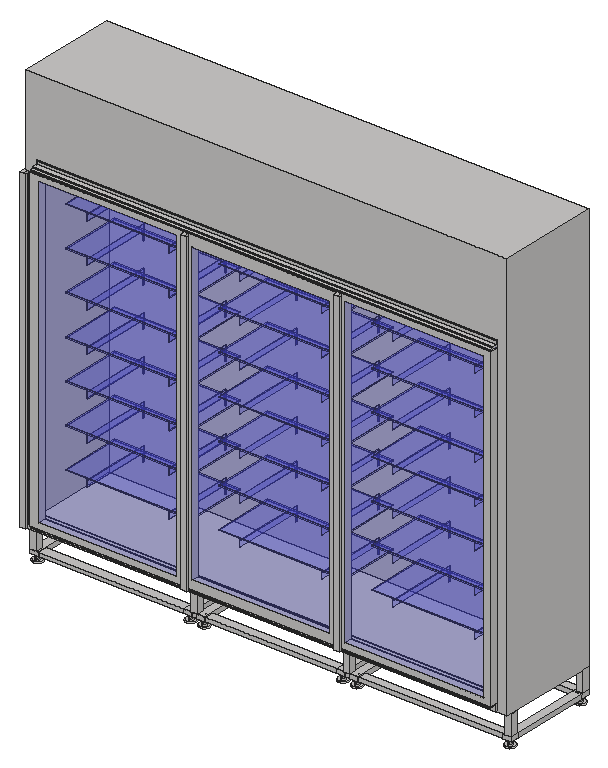
Revit family "Food-Service-Equipment_Oscartek_Muro_Gala-2274_cat", category Specialty Equipment, Revit 2026
Family settings
  Round Connector Dimension = Use Diameter
  Part Type = Normal
  Classification Number = 23.40.40.11
  Work Plane-Based = No
  Enable Cutting in Views = No
  Always vertical = Yes
  Cut with Voids When Loaded = No
  Maintain Annotation Orientation = No
  Shared = No
  Room Calculation Point = No
Parameters
  Wine Shelf = Part Code = 1  # yes
  Weight in Pounds = 661
  Watts = Volts * FL Amps  # 990 W
  Volts = 220 V
  URL Cutsheet = "www.oscartek.com"
  URL = "www.oscartek.com"
  Type Comments = "As Specified"
  Test Data = "http://www.oscartek.com/company/clients.php"
  Specification by User = ""
  Specification by Manufacturer = ""
  Specification = "https://www.arcat.com/arcatcos/cos48/arc48760.html"
  Show Clearance [instance] = yes
  Serial Number = ""
  Seismic Rating = ""
  Sales Information = "http://www.oscartek.com/company/contact.php"
  SMACNA No = ""
  Revision Code = ""
  Revision = "R1_2018-10"
  Product Data = "http://www.oscartek.com/support/manuals/"
  Phase = 1
  Part Code = 1
  Number of Poles = 1
  NAFEM Spec ID Number = ""
  Model = "MURO GALA 2274"
  Min Ckt Ampacity = 0 A
  Meat Shelf = Part Code = 2  # no
  Max Overcurrent Protection = 0 A
  Masterspec = ""
  Manufacturer Website = "http://www.oscartek.com/index.php"
  Manufacturer Phone - Toll Free = "855-885-2400"
  Manufacturer Phone = "650-342-2400"
  Manufacturer Fax = "650-342-7400"
  Manufacturer Address = "361 Beach Rd., Burlingame, CA 94010"
  Manufacturer = "OSCARTEK"
  Length = 89 1/2"
  Item Number = ""
  Installed By = ""
  Installation-Fabrication = "http://www.oscartek.com/support/manuals/"
  Identify Quantity as Lot = yes
  Height = 82 3/16"
  HP = ""
  Green Building-LEED = "https://www.arcat.com/green/green_building.shtml"
  Furnished By = ""
  Foodservice Equipment Identifier = yes
  FL Amps = 4.5 A
  Electrical Remarks = ""
  Electric Connection Type = ""
  Elec Conn RI Height = 0"
  Elec Conn Connection Height = 0"
  Drawn By = "Sumex Design, Inc. / Robert S. Weygant, CSI, CDT, SCIP"
  Description = "MURO GALA WINE SHOWCASE"
  Depth = 21 1/4"
  Deli/Pastry = Part Code = 3  # no
  Default Elevation = 0"
  Cycle = 60 Hz
  Copyright = "©Arcat Inc."
  Construction Details = "http://www.oscartek.com/support/manuals/"
  Conn Plug = ""
  Conn Conduit = yes
  Category = ""
  CSI MasterFormat = "11 41 33"
  Building Codes = "https://www.arcat.com/arcatcos/cos48/arc48760.html"
  BTUH = 8960.0 Btu/h
  Apparent Power = 0 VA
Reference planes (in)
  plane 1 "BACK": y = 0
  plane 2: z = 0
  plane 3 "LEFT": x = 0
  plane 4 "RIGHT": x = 89.5
  plane 5 "FRONT": y = -21.25
  plane 6 "TOP": z = 82.1875
  plane 7 "Center Y": x = 44.75
  plane 8 "Center X": y = -10.625
  plane 9: y = -18.875
  plane 10: z = 7.51552
  plane 11: z = 66.57802
  plane 12: z = 7.51552
  plane 13: z = 66.57802
  plane 14: z = 6.00603
  plane 15: y = -17.875
  plane 16: y = -17.10376
  plane 17: x = 0.8125
  plane 18: x = 29.30212
  plane 19: x = 33.0625
  plane 20: x = 61.5
Forms (in)
  Extrusion 1, solid, material "QF_Metal - Stainless - Polished"
    sketch origin (31.6875, 0, 0) x (0, -1, 0) y (0, 0, 1)
      loop
        line (18.90603, 7.20508) -> (20.31099, 7.20508) -> (20.31099, 7.32323) -> (18.70021, 7.32323) -> (18.70021, 8.56381) -> (17.89196, 8.56381) -> (17.89196, 6.00603) -> (18.90603, 6.00603) -> (18.90603, 7.20508)
      loop
        line (18.875, 68) -> (17.91056, 68) -> (17.91056, 66.5144) -> (18.70905, 66.5144) -> (18.70905, 66.81986) -> (20.31325, 66.81986) -> (20.31325, 66.94487) -> (19.71428, 66.94487) -> (19.71428, 67.14799) -> (18.70905, 67.14799) -> (18.70905, 67.80947) -> (18.875, 67.80947) -> (18.875, 68)
    from -55.8125 to 29.6875
  Extrusion 2, solid, material "QF_Metal - Stainless - Polished"
    sketch origin (1, -18.875, 82.1875) x (0, 0, -1) y (1, 0, 0)
      loop
        line (15.60948, 0.92068) -> (74.67198, 0.92068) -> (74.67198, 29.29824) -> (15.60948, 29.29824) -> (15.60948, 0.92068)
      loop
        line (16.67198, 2.45144) -> (73.60948, 2.45144) -> (73.60948, 28.1177) -> (16.67198, 28.1177) -> (16.67198, 2.45144)
      loop
        line (15.60948, 58.17269) -> (74.67198, 58.17269) -> (74.67198, 86.58411) -> (15.60948, 86.58411) -> (15.60948, 58.17269)
      loop
        line (16.67198, 59.41241) -> (73.60948, 59.41241) -> (73.60948, 85.34747) -> (16.67198, 85.34747) -> (16.67198, 59.41241)
      loop
        line (15.60948, 29.6901) -> (74.67198, 29.6901) -> (74.67198, 57.7862) -> (15.60948, 57.7862) -> (15.60948, 29.6901)
      loop
        line (17.57495, 30.92445) -> (73.12432, 30.92445) -> (73.12432, 56.55185) -> (17.57495, 56.55185) -> (17.57495, 30.92445)
    from 0 to 1.38976
  Extrusion 3, solid, material "Glass"
    sketch origin (1, -18.875, 82.1875) x (0, 0, -1) y (1, 0, 0)
      loop
        line (73.60948, 85.34747) -> (16.67198, 85.34747) -> (16.67198, 59.41241) -> (73.60948, 59.41241) -> (73.60948, 85.34747)
      loop
        line (73.12432, 56.55185) -> (17.57495, 56.55185) -> (17.57495, 30.92445) -> (73.12432, 30.92445) -> (73.12432, 56.55185)
      loop
        line (73.60948, 2.45144) -> (73.60948, 28.1177) -> (16.67198, 28.1177) -> (16.67198, 2.45144) -> (73.60948, 2.45144)
    from 0 to 1.38976
  Extrusion 4, solid, material "QF_Metal - Stainless - Polished"
    sketch origin (1.92068, -18.875, 66.57802) x (1, 0, 0) y (0, 1, 0)
      loop
        line (0.02558, -2.17797) -> (-0.52613, -2.17797) -> (-0.52613, -1.38976) -> (-1.04568, -1.38976) -> (-1.04568, -2.375) -> (0.02558, -2.375) -> (0.02558, -2.17797)
      loop
        line (29.89677, -2.17797) -> (29.34506, -2.17797) -> (29.34506, -1.38976) -> (28.76942, -1.38976) -> (28.76942, -2.375) -> (29.89677, -2.375) -> (29.89677, -2.17797)
      loop
        line (58.37936, -2.17797) -> (57.82765, -2.17797) -> (57.82765, -1.38976) -> (57.25201, -1.38976) -> (57.25201, -2.375) -> (58.37936, -2.375) -> (58.37936, -2.17797)
    from 0 to -59.0625
  Revolve 5, solid, material "QF_Metal - Stainless - Polished"
    sketch origin (0.8125, -180, -6.84664) x (0, 0, -1) y (0, -1, 0)
      loop
        line (-8.80529, -179.21181) -> (-6.84664, -179.21181) -> (-6.84664, -178.50244) -> (-6.96507, -178.23643) -> (-7.07291, -178.28444) -> (-7.07291, -178.83742) -> (-7.24073, -178.83742) -> (-7.24073, -179.01476) -> (-8.80529, -179.01476) -> (-8.80529, -179.21181)
      axis (-6.84664, -179.21181) -> (-8.80529, -179.21181)
    angle from 0 to 360
  Revolve 6, solid, material "QF_Metal - Stainless - Polished"
    sketch origin (29.30212, -180, -6.84664) x (0, 0, -1) y (0, 1, 0)
      loop
        line (-8.80529, 179.21181) -> (-8.80529, 179.01476) -> (-7.24073, 179.01476) -> (-7.24073, 178.83742) -> (-7.07291, 178.83742) -> (-7.07291, 178.28444) -> (-6.96507, 178.23643) -> (-6.84664, 178.50244) -> (-6.84664, 179.21181) -> (-8.80529, 179.21181)
      axis (-6.84664, 179.21181) -> (-8.80529, 179.21181)
    angle from 0 to 360
  Revolve 7, solid, material "QF_Metal - Stainless - Polished"
    sketch origin (0.8125, -196.31557, -6.84664) x (0, 0, -1) y (0, -1, 0)
      loop
        line (-8.80529, -179.21181) -> (-6.84664, -179.21181) -> (-6.84664, -178.50244) -> (-6.96507, -178.23643) -> (-7.07291, -178.28444) -> (-7.07291, -178.83742) -> (-7.24073, -178.83742) -> (-7.24073, -179.01476) -> (-8.80529, -179.01476) -> (-8.80529, -179.21181)
      axis (-6.84664, -179.21181) -> (-8.80529, -179.21181)
    angle from 0 to 360
  Revolve 8, solid, material "QF_Metal - Stainless - Polished"
    sketch origin (29.30212, -196.31557, -6.84664) x (0, 0, -1) y (0, 1, 0)
      loop
        line (-8.80529, 179.21181) -> (-8.80529, 179.01476) -> (-7.24073, 179.01476) -> (-7.24073, 178.83742) -> (-7.07291, 178.83742) -> (-7.07291, 178.28444) -> (-6.96507, 178.23643) -> (-6.84664, 178.50244) -> (-6.84664, 179.21181) -> (-8.80529, 179.21181)
      axis (-6.84664, 179.21181) -> (-8.80529, 179.21181)
    angle from 0 to 360
  Extrusion 9, solid, material "QF_Metal - Stainless - Polished"
    sketch origin (0, 0, 0) x (0, 1, 0) y (0, 0, 1)
      loop
        line (-16.31557, 1.28869) -> (-16.31557, 2.07689) -> (-17.875, 2.07689) -> (-17.875, 1.28869) -> (-16.31557, 1.28869)
      loop
        line (0, 1.28869) -> (0, 2.07689) -> (-1.55943, 2.07689) -> (-1.55943, 1.28869) -> (0, 1.28869)
    from 0 to 89.5
  Extrusion 10, solid, material "QF_Metal - Stainless - Polished"
    sketch origin (0, 0, 0) x (1, 0, 0) y (0, 0, 1)
      loop
        line (0, 2.07689) -> (0, 1.28869) -> (1.5625, 1.28869) -> (1.5625, 2.07689) -> (0, 2.07689)
      loop
        line (89.5, 2.07689) -> (87.9375, 2.07689) -> (87.9375, 1.28869) -> (89.5, 1.28869) -> (89.5, 2.07689)
      loop
        line (32.54778, 2.07689) -> (30.98035, 2.07689) -> (30.98035, 1.28869) -> (32.54778, 1.28869) -> (32.54778, 2.07689)
      loop
        line (30.03169, 2.07689) -> (28.52612, 2.07689) -> (28.52612, 1.28869) -> (30.03169, 1.28869) -> (30.03169, 2.07689)
      loop
        line (61.01204, 2.07689) -> (59.44461, 2.07689) -> (59.44461, 1.28869) -> (61.01204, 1.28869) -> (61.01204, 2.07689)
      loop
        line (58.49595, 2.07689) -> (56.99038, 2.07689) -> (56.99038, 1.28869) -> (58.49595, 1.28869) -> (58.49595, 2.07689)
    from 0 to 17.875
  Extrusion 11, solid, material "QF_Metal - Stainless - Polished"
    sketch origin (0, 0, 2.07689) x (1, 0, 0) y (0, 1, 0)
      loop
        line (0, -1.18229) -> (1.17775, -1.18229) -> (1.17775, 0) -> (0, 0) -> (0, -1.18229)
      loop
        line (31.15137, -1.18229) -> (31.15137, 0) -> (29.97363, 0) -> (29.97363, -1.18229) -> (31.15137, -1.18229)
      loop
        line (0, -17.89196) -> (1.17775, -17.89196) -> (1.17775, -16.70967) -> (0, -16.70967) -> (0, -17.89196)
      loop
        line (31.15137, -17.89196) -> (31.15137, -16.70967) -> (29.97363, -16.70967) -> (29.97363, -17.89196) -> (31.15137, -17.89196)
      loop
        line (89.5, -1.18229) -> (89.5, 0) -> (88.32225, 0) -> (88.32225, -1.18229) -> (89.5, -1.18229)
      loop
        line (58.34863, -1.18229) -> (59.52637, -1.18229) -> (59.52637, 0) -> (58.34863, 0) -> (58.34863, -1.18229)
      loop
        line (89.5, -17.89196) -> (89.5, -16.70967) -> (88.32225, -16.70967) -> (88.32225, -17.89196) -> (89.5, -17.89196)
      loop
        line (58.34863, -17.89196) -> (59.52637, -17.89196) -> (59.52637, -16.70967) -> (58.34863, -16.70967) -> (58.34863, -17.89196)
    from 0 to 3.92915
  Extrusion 12, solid, material "QF_Door-Drawer Clearances", visible <- "Show Clearance", detail levels coarse
    sketch origin (1.92068, -18.875, 66.57802) x (1, 0, 0) y (0, 1, 0)
      loop
        arc (-1.02142, -1.38976) -> (7.58934, -22.17798) -> (28.37757, -30.78875) r 29.39899
        line (28.37757, -30.78875) -> (28.37757, -1.38976) -> (-1.02142, -1.38976)
      loop
        line (56.86553, -29.48586) -> (56.86553, -1.38976) -> (28.76942, -1.38976)
        arc (28.76942, -1.38976) -> (36.99858, -21.25671) -> (56.86553, -29.48586) r 28.0961
      loop
        line (85.66343, -29.80118) -> (85.66343, -1.38976) -> (57.25201, -1.38976)
        arc (57.25201, -1.38976) -> (65.57352, -21.47967) -> (85.66343, -29.80118) r 28.41142
    from 0 to -59.0625
  Extrusion 13, solid, material "QF_Metal - Stainless - Polished"
    sketch origin (1, 0, 0) x (0, 1, 0) y (0, 0, 1)
      loop
        line (0, 82.1875) -> (-18.875, 82.1875) -> (-18.875, 68) -> (-17.91056, 68) -> (-17.91056, 66.5144) -> (-16.94613, 66.5144) -> (-16.94613, 72.27825) -> (-2.08871, 72.27825) -> (-2.08871, 8.52825) -> (-17.89196, 8.52825) -> (-17.89196, 6.00603) -> (0, 6.00603) -> (0, 82.1875)
    from 0 to 86.5
  Extrusion 14, solid, material "QF_Metal - Stainless - Polished"
    sketch origin (0, 0, 0) x (0, 1, 0) y (0, 0, 1)
      loop
        line (0, 82.1875) -> (-18.875, 82.1875) -> (-18.875, 6.00603) -> (0, 6.00603) -> (0, 82.1875)
    from 0 to 2
  Extrusion 15, solid, material "QF_Metal - Stainless - Polished"
    sketch origin (89.5, 0, 0) x (0, -1, 0) y (0, 0, 1)
      loop
        line (0, 82.1875) -> (0, 6.00603) -> (18.875, 6.00603) -> (18.875, 82.1875) -> (0, 82.1875)
    from 0 to 2
  Revolve 16, solid, material "QF_Metal - Stainless - Polished"
    sketch origin (31.82288, -180, -6.84664) x (0, 0, -1) y (0, -1, 0)
      loop
        line (-8.80529, -179.21181) -> (-6.84664, -179.21181) -> (-6.84664, -178.50244) -> (-6.96507, -178.23643) -> (-7.07291, -178.28444) -> (-7.07291, -178.83742) -> (-7.24073, -178.83742) -> (-7.24073, -179.01476) -> (-8.80529, -179.01476) -> (-8.80529, -179.21181)
      axis (-6.84664, -179.21181) -> (-8.80529, -179.21181)
    angle from 0 to 360
  Revolve 17, solid, material "QF_Metal - Stainless - Polished"
    sketch origin (31.82288, -196.31557, -6.84664) x (0, 0, -1) y (0, -1, 0)
      loop
        line (-8.80529, -179.21181) -> (-6.84664, -179.21181) -> (-6.84664, -178.50244) -> (-6.96507, -178.23643) -> (-7.07291, -178.28444) -> (-7.07291, -178.83742) -> (-7.24073, -178.83742) -> (-7.24073, -179.01476) -> (-8.80529, -179.01476) -> (-8.80529, -179.21181)
      axis (-6.84664, -179.21181) -> (-8.80529, -179.21181)
    angle from 0 to 360
  Extrusion 18, solid, material "QF_Metal - Stainless - Polished Brushed", visible <- "Meat Shelf"
    sketch origin (1, 0, 0) x (0, 1, 0) y (0, 0, 1)
      loop
        line (-8.66523, 64.21846) -> (-8.89505, 64.21846) -> (-8.89505, 64.61255) -> (-9.17092, 64.61255) -> (-9.17092, 64.21846) -> (-10.52412, 64.21846) -> (-10.52412, 64.61255) -> (-10.79999, 64.61255) -> (-10.79999, 64.21846) -> (-11.02981, 64.21846) -> (-11.02981, 64.06082) -> (-10.43866, 64.06082) -> (-10.43866, 62.87853) -> (-9.25637, 62.87853) -> (-9.25637, 64.06082) -> (-8.66523, 64.06082) -> (-8.66523, 64.21846)
    from 1 to 86.5
  Revolve 19, solid, material "QF_Metal - Stainless - Polished"
    sketch origin (60.23998, -180, -6.84664) x (0, 0, -1) y (0, -1, 0)
      loop
        line (-8.80529, -179.21181) -> (-6.84664, -179.21181) -> (-6.84664, -178.50244) -> (-6.96507, -178.23643) -> (-7.07291, -178.28444) -> (-7.07291, -178.83742) -> (-7.24073, -178.83742) -> (-7.24073, -179.01476) -> (-8.80529, -179.01476) -> (-8.80529, -179.21181)
      axis (-6.84664, -179.21181) -> (-8.80529, -179.21181)
    angle from 0 to 360
  Revolve 20, solid, material "QF_Metal - Stainless - Polished"
    sketch origin (60.23998, -196.31557, -6.84664) x (0, 0, -1) y (0, -1, 0)
      loop
        line (-8.80529, -179.21181) -> (-6.84664, -179.21181) -> (-6.84664, -178.50244) -> (-6.96507, -178.23643) -> (-7.07291, -178.28444) -> (-7.07291, -178.83742) -> (-7.24073, -178.83742) -> (-7.24073, -179.01476) -> (-8.80529, -179.01476) -> (-8.80529, -179.21181)
      axis (-6.84664, -179.21181) -> (-8.80529, -179.21181)
    angle from 0 to 360
  Revolve 21, solid, material "QF_Metal - Stainless - Polished"
    sketch origin (57.63502, -180, -6.84664) x (0, 0, -1) y (0, 1, 0)
      loop
        line (-8.80529, 179.21181) -> (-8.80529, 179.01476) -> (-7.24073, 179.01476) -> (-7.24073, 178.83742) -> (-7.07291, 178.83742) -> (-7.07291, 178.28444) -> (-6.96507, 178.23643) -> (-6.84664, 178.50244) -> (-6.84664, 179.21181) -> (-8.80529, 179.21181)
      axis (-6.84664, 179.21181) -> (-8.80529, 179.21181)
    angle from 0 to 360
  Revolve 22, solid, material "QF_Metal - Stainless - Polished"
    sketch origin (57.63502, -196.31557, -6.84664) x (0, 0, -1) y (0, 1, 0)
      loop
        line (-8.80529, 179.21181) -> (-8.80529, 179.01476) -> (-7.24073, 179.01476) -> (-7.24073, 178.83742) -> (-7.07291, 178.83742) -> (-7.07291, 178.28444) -> (-6.96507, 178.23643) -> (-6.84664, 178.50244) -> (-6.84664, 179.21181) -> (-8.80529, 179.21181)
      axis (-6.84664, 179.21181) -> (-8.80529, 179.21181)
    angle from 0 to 360
  Revolve 23, solid, material "QF_Metal - Stainless - Polished"
    sketch origin (88.6875, -180, -6.84664) x (0, 0, -1) y (0, 1, 0)
      loop
        line (-8.80529, 179.21181) -> (-8.80529, 179.01476) -> (-7.24073, 179.01476) -> (-7.24073, 178.83742) -> (-7.07291, 178.83742) -> (-7.07291, 178.28444) -> (-6.96507, 178.23643) -> (-6.84664, 178.50244) -> (-6.84664, 179.21181) -> (-8.80529, 179.21181)
      axis (-6.84664, 179.21181) -> (-8.80529, 179.21181)
    angle from 0 to 360
  Revolve 24, solid, material "QF_Metal - Stainless - Polished"
    sketch origin (88.6875, -196.31557, -6.84664) x (0, 0, -1) y (0, 1, 0)
      loop
        line (-8.80529, 179.21181) -> (-8.80529, 179.01476) -> (-7.24073, 179.01476) -> (-7.24073, 178.83742) -> (-7.07291, 178.83742) -> (-7.07291, 178.28444) -> (-6.96507, 178.23643) -> (-6.84664, 178.50244) -> (-6.84664, 179.21181) -> (-8.80529, 179.21181)
      axis (-6.84664, 179.21181) -> (-8.80529, 179.21181)
    angle from 0 to 360
  Extrusion 25, solid, material "Glass", visible <- "Wine Shelf"
    sketch origin (8.65625, 6.33903, 48) x (0, 1, 0) y (0, 0, 1)
      loop
        line (-21.88361, 12.03383) -> (-21.88361, 10.51592) -> (-8.86913, 10.51592) -> (-8.86913, 8.95572) -> (-8.56962, 8.95572) -> (-8.56962, 11.68413) -> (-15.25009, 11.68413) -> (-21.6951, 11.68413) -> (-21.6951, 12.03383) -> (-21.88361, 12.03383)
      loop
        line (-21.88361, 4.64453) -> (-21.88361, 3.12662) -> (-8.86913, 3.12662) -> (-8.86913, 1.56642) -> (-8.56962, 1.56642) -> (-8.56962, 4.29483) -> (-15.25009, 4.29483) -> (-21.6951, 4.29483) -> (-21.6951, 4.64453) -> (-21.88361, 4.64453)
      loop
        line (-21.88361, -2.74477) -> (-21.88361, -4.26267) -> (-8.86913, -4.26267) -> (-8.86913, -5.82288) -> (-8.56962, -5.82288) -> (-8.56962, -3.09447) -> (-15.25009, -3.09447) -> (-21.6951, -3.09447) -> (-21.6951, -2.74477) -> (-21.88361, -2.74477)
      loop
        line (-21.88361, -10.13407) -> (-21.88361, -11.65197) -> (-8.86913, -11.65197) -> (-8.86913, -13.21217) -> (-8.56962, -13.21217) -> (-8.56962, -10.48377) -> (-15.25009, -10.48377) -> (-21.6951, -10.48377) -> (-21.6951, -10.13407) -> (-21.88361, -10.13407)
      loop
        line (-21.88361, -17.52337) -> (-21.88361, -19.04127) -> (-8.86913, -19.04127) -> (-8.86913, -20.60147) -> (-8.56962, -20.60147) -> (-8.56962, -17.87307) -> (-15.25009, -17.87307) -> (-21.6951, -17.87307) -> (-21.6951, -17.52337) -> (-21.88361, -17.52337)
      loop
        line (-21.88361, -24.91267) -> (-21.88361, -26.43057) -> (-8.86913, -26.43057) -> (-8.86913, -27.99077) -> (-8.56962, -27.99077) -> (-8.56962, -25.26237) -> (-15.25009, -25.26237) -> (-21.6951, -25.26237) -> (-21.6951, -24.91267) -> (-21.88361, -24.91267)
      loop
        line (-21.88361, -32.28425) -> (-21.88361, -33.80216) -> (-8.86913, -33.80216) -> (-8.86913, -35.36236) -> (-8.56962, -35.36236) -> (-8.56962, -32.63395) -> (-15.25009, -32.63395) -> (-21.6951, -32.63395) -> (-21.6951, -32.28425) -> (-21.88361, -32.28425)
    from 0 to 0.125
  Extrusion 26, solid, material "Glass", visible <- "Deli/Pastry"
    sketch origin (1, 0, 0) x (0, 1, 0) y (0, 0, 1)
      loop
        line (-14.3619, 52.33424) -> (-4.5494, 52.33424) -> (-4.5494, 52.64952) -> (-14.3619, 52.64952) -> (-14.3619, 52.33424)
      loop
        line (-14.3619, 37.55564) -> (-4.5494, 37.55564) -> (-4.5494, 37.87092) -> (-14.3619, 37.87092) -> (-14.3619, 37.55564)
      loop
        line (-14.3619, 22.77704) -> (-4.5494, 22.77704) -> (-4.5494, 23.09232) -> (-14.3619, 23.09232) -> (-14.3619, 22.77704)
    from 3.625 to 27.0625
  Extrusion 27, solid, material "Glass", visible <- "Meat Shelf"
    sketch origin (8.65625, 6.33903, 48) x (0, 1, 0) y (0, 0, 1)
      loop
        line (-20.93778, -10.13407) -> (-20.93778, -11.65497) -> (-8.86913, -11.65497) -> (-8.86913, -13.21217) -> (-8.56962, -13.21217) -> (-8.56962, -10.48377) -> (-20.74927, -10.48377) -> (-20.74927, -10.13407) -> (-20.93778, -10.13407)
      loop
        line (-20.93778, -24.91267) -> (-20.93778, -26.43356) -> (-8.86913, -26.43356) -> (-8.86913, -27.99077) -> (-8.56962, -27.99077) -> (-8.56962, -25.26237) -> (-20.74927, -25.26237) -> (-20.74927, -24.91267) -> (-20.93778, -24.91267)
    from 0 to 0.125
  Extrusion 28, solid, material "Glass", visible <- "Meat Shelf"
    sketch origin (1, 0, 0) x (0, 1, 0) y (0, 0, 1)
      loop
        line (-4.5494, 37.87092) -> (-14.3619, 37.87092) -> (-14.3619, 37.55564) -> (-4.5494, 37.55564) -> (-4.5494, 37.87092)
      loop
        line (-4.5494, 23.09232) -> (-14.3619, 23.09232) -> (-14.3619, 22.77704) -> (-4.5494, 22.77704) -> (-4.5494, 23.09232)
    from 3.625 to 27.0625
  Extrusion 29, solid, material "Glass", visible <- "Meat Shelf"
    sketch origin (24.03125, 6.33903, 48) x (0, 1, 0) y (0, 0, -1)
      loop
        line (-20.93778, 10.13407) -> (-20.74927, 10.13407) -> (-20.74927, 10.48377) -> (-8.56962, 10.48377) -> (-8.56962, 13.21217) -> (-8.86913, 13.21217) -> (-8.86913, 11.65497) -> (-20.93778, 11.65497) -> (-20.93778, 10.13407)
      loop
        line (-20.93778, 24.91267) -> (-20.74927, 24.91267) -> (-20.74927, 25.26237) -> (-8.56962, 25.26237) -> (-8.56962, 27.99077) -> (-8.86913, 27.99077) -> (-8.86913, 26.43356) -> (-20.93778, 26.43356) -> (-20.93778, 24.91267)
    from 0 to 0.125
  Extrusion 30, solid, material "Glass", visible <- "Deli/Pastry"
    sketch origin (8.65625, 6.33903, 48) x (0, 1, 0) y (0, 0, 1)
      loop
        line (-20.93778, 4.64453) -> (-20.93778, 3.12662) -> (-8.86913, 3.12662) -> (-8.86913, 1.56642) -> (-8.56962, 1.56642) -> (-8.56962, 4.29483) -> (-15.25009, 4.29483) -> (-20.74927, 4.29483) -> (-20.74927, 4.64453) -> (-20.93778, 4.64453)
      loop
        line (-20.93778, -10.13407) -> (-20.93778, -11.65197) -> (-8.86913, -11.65197) -> (-8.86913, -13.21217) -> (-8.56962, -13.21217) -> (-8.56962, -10.48377) -> (-15.25009, -10.48377) -> (-20.74927, -10.48377) -> (-20.74927, -10.13407) -> (-20.93778, -10.13407)
      loop
        line (-20.93778, -24.91267) -> (-20.93778, -26.43057) -> (-8.86913, -26.43057) -> (-8.86913, -27.99077) -> (-8.56962, -27.99077) -> (-8.56962, -25.26237) -> (-15.25009, -25.26237) -> (-20.74927, -25.26237) -> (-20.74927, -24.91267) -> (-20.93778, -24.91267)
    from 0 to 0.125
  Extrusion 31, solid, material "Glass", visible <- "Deli/Pastry"
    sketch origin (24.03125, 6.33903, 48) x (0, 1, 0) y (0, 0, -1)
      loop
        line (-20.93778, -4.64453) -> (-20.74927, -4.64453) -> (-20.74927, -4.29483) -> (-15.25009, -4.29483) -> (-8.56962, -4.29483) -> (-8.56962, -1.56642) -> (-8.86913, -1.56642) -> (-8.86913, -3.12662) -> (-20.93778, -3.12662) -> (-20.93778, -4.64453)
      loop
        line (-20.93778, 10.13407) -> (-20.74927, 10.13407) -> (-20.74927, 10.48377) -> (-15.25009, 10.48377) -> (-8.56962, 10.48377) -> (-8.56962, 13.21217) -> (-8.86913, 13.21217) -> (-8.86913, 11.65197) -> (-20.93778, 11.65197) -> (-20.93778, 10.13407)
      loop
        line (-20.93778, 24.91267) -> (-20.74927, 24.91267) -> (-20.74927, 25.26237) -> (-15.25009, 25.26237) -> (-8.56962, 25.26237) -> (-8.56962, 27.99077) -> (-8.86913, 27.99077) -> (-8.86913, 26.43057) -> (-20.93778, 26.43057) -> (-20.93778, 24.91267)
    from 0 to 0.125
  Extrusion 32, solid, material "Glass", visible <- "Wine Shelf"
    sketch origin (1, 0, 0) x (0, 1, 0) y (0, 0, 1)
      loop
        line (-15.30773, 60.03383) -> (-15.30773, 59.72354) -> (-3.87895, 59.72354) -> (-3.87895, 60.03383) -> (-15.30773, 60.03383)
      loop
        line (-15.30773, 52.64453) -> (-15.30773, 52.33424) -> (-3.87895, 52.33424) -> (-3.87895, 52.64453) -> (-15.30773, 52.64453)
      loop
        line (-15.30773, 45.25523) -> (-15.30773, 44.94494) -> (-3.87895, 44.94494) -> (-3.87895, 45.25523) -> (-15.30773, 45.25523)
      loop
        line (-15.30773, 37.86593) -> (-15.30773, 37.55564) -> (-3.87895, 37.55564) -> (-3.87895, 37.86593) -> (-15.30773, 37.86593)
      loop
        line (-15.30773, 30.47663) -> (-15.30773, 30.16634) -> (-3.87895, 30.16634) -> (-3.87895, 30.47663) -> (-15.30773, 30.47663)
      loop
        line (-15.30773, 23.08733) -> (-15.30773, 22.77704) -> (-3.87895, 22.77704) -> (-3.87895, 23.08733) -> (-15.30773, 23.08733)
      loop
        line (-15.30773, 15.71575) -> (-15.30773, 15.40546) -> (-3.87895, 15.40546) -> (-3.87895, 15.71575) -> (-15.30773, 15.71575)
    from 3.625 to 27.0625
  Extrusion 33, solid, material "Glass", visible <- "Wine Shelf"
    sketch origin (24.03125, 6.33903, 48) x (0, 1, 0) y (0, 0, -1)
      loop
        line (-21.88361, -12.03383) -> (-21.6951, -12.03383) -> (-21.6951, -11.68413) -> (-15.25009, -11.68413) -> (-8.56962, -11.68413) -> (-8.56962, -8.95572) -> (-8.86913, -8.95572) -> (-8.86913, -10.51592) -> (-21.88361, -10.51592) -> (-21.88361, -12.03383)
      loop
        line (-21.88361, -4.64453) -> (-21.6951, -4.64453) -> (-21.6951, -4.29483) -> (-15.25009, -4.29483) -> (-8.56962, -4.29483) -> (-8.56962, -1.56642) -> (-8.86913, -1.56642) -> (-8.86913, -3.12662) -> (-21.88361, -3.12662) -> (-21.88361, -4.64453)
      loop
        line (-21.88361, 2.74477) -> (-21.6951, 2.74477) -> (-21.6951, 3.09447) -> (-15.25009, 3.09447) -> (-8.56962, 3.09447) -> (-8.56962, 5.82288) -> (-8.86913, 5.82288) -> (-8.86913, 4.26267) -> (-21.88361, 4.26267) -> (-21.88361, 2.74477)
      loop
        line (-21.88361, 10.13407) -> (-21.6951, 10.13407) -> (-21.6951, 10.48377) -> (-15.25009, 10.48377) -> (-8.56962, 10.48377) -> (-8.56962, 13.21217) -> (-8.86913, 13.21217) -> (-8.86913, 11.65197) -> (-21.88361, 11.65197) -> (-21.88361, 10.13407)
      loop
        line (-21.88361, 17.52337) -> (-21.6951, 17.52337) -> (-21.6951, 17.87307) -> (-15.25009, 17.87307) -> (-8.56962, 17.87307) -> (-8.56962, 20.60147) -> (-8.86913, 20.60147) -> (-8.86913, 19.04127) -> (-21.88361, 19.04127) -> (-21.88361, 17.52337)
      loop
        line (-21.88361, 24.91267) -> (-21.6951, 24.91267) -> (-21.6951, 25.26237) -> (-15.25009, 25.26237) -> (-8.56962, 25.26237) -> (-8.56962, 27.99077) -> (-8.86913, 27.99077) -> (-8.86913, 26.43057) -> (-21.88361, 26.43057) -> (-21.88361, 24.91267)
      loop
        line (-21.88361, 32.28425) -> (-21.6951, 32.28425) -> (-21.6951, 32.63395) -> (-15.25009, 32.63395) -> (-8.56962, 32.63395) -> (-8.56962, 35.36236) -> (-8.86913, 35.36236) -> (-8.86913, 33.80216) -> (-21.88361, 33.80216) -> (-21.88361, 32.28425)
    from 0 to 0.125
  Extrusion 34, solid, material "Glass", visible <- "Wine Shelf"
    sketch origin (37.09375, 6.33903, 48) x (0, 1, 0) y (0, 0, 1)
      loop
        line (-21.88361, 12.03383) -> (-21.88361, 10.51592) -> (-8.86913, 10.51592) -> (-8.86913, 8.95572) -> (-8.56962, 8.95572) -> (-8.56962, 11.68413) -> (-15.25009, 11.68413) -> (-21.6951, 11.68413) -> (-21.6951, 12.03383) -> (-21.88361, 12.03383)
      loop
        line (-21.88361, 4.64453) -> (-21.88361, 3.12662) -> (-8.86913, 3.12662) -> (-8.86913, 1.56642) -> (-8.56962, 1.56642) -> (-8.56962, 4.29483) -> (-15.25009, 4.29483) -> (-21.6951, 4.29483) -> (-21.6951, 4.64453) -> (-21.88361, 4.64453)
      loop
        line (-21.88361, -2.74477) -> (-21.88361, -4.26267) -> (-8.86913, -4.26267) -> (-8.86913, -5.82288) -> (-8.56962, -5.82288) -> (-8.56962, -3.09447) -> (-15.25009, -3.09447) -> (-21.6951, -3.09447) -> (-21.6951, -2.74477) -> (-21.88361, -2.74477)
      loop
        line (-21.88361, -10.13407) -> (-21.88361, -11.65197) -> (-8.86913, -11.65197) -> (-8.86913, -13.21217) -> (-8.56962, -13.21217) -> (-8.56962, -10.48377) -> (-15.25009, -10.48377) -> (-21.6951, -10.48377) -> (-21.6951, -10.13407) -> (-21.88361, -10.13407)
      loop
        line (-21.88361, -17.52337) -> (-21.88361, -19.04127) -> (-8.86913, -19.04127) -> (-8.86913, -20.60147) -> (-8.56962, -20.60147) -> (-8.56962, -17.87307) -> (-15.25009, -17.87307) -> (-21.6951, -17.87307) -> (-21.6951, -17.52337) -> (-21.88361, -17.52337)
      loop
        line (-21.88361, -24.91267) -> (-21.88361, -26.43057) -> (-8.86913, -26.43057) -> (-8.86913, -27.99077) -> (-8.56962, -27.99077) -> (-8.56962, -25.26237) -> (-15.25009, -25.26237) -> (-21.6951, -25.26237) -> (-21.6951, -24.91267) -> (-21.88361, -24.91267)
      loop
        line (-21.88361, -32.28425) -> (-21.88361, -33.80216) -> (-8.86913, -33.80216) -> (-8.86913, -35.36236) -> (-8.56962, -35.36236) -> (-8.56962, -32.63395) -> (-15.25009, -32.63395) -> (-21.6951, -32.63395) -> (-21.6951, -32.28425) -> (-21.88361, -32.28425)
    from 0 to 0.125
  Extrusion 35, solid, material "Glass", visible <- "Deli/Pastry"
    sketch origin (29.4375, 0, 0) x (0, 1, 0) y (0, 0, 1)
      loop
        line (-14.3619, 52.33424) -> (-4.5494, 52.33424) -> (-4.5494, 52.64952) -> (-14.3619, 52.64952) -> (-14.3619, 52.33424)
      loop
        line (-14.3619, 37.55564) -> (-4.5494, 37.55564) -> (-4.5494, 37.87092) -> (-14.3619, 37.87092) -> (-14.3619, 37.55564)
      loop
        line (-14.3619, 22.77704) -> (-4.5494, 22.77704) -> (-4.5494, 23.09232) -> (-14.3619, 23.09232) -> (-14.3619, 22.77704)
    from 3.625 to 27.0625
  Extrusion 36, solid, material "Glass", visible <- "Meat Shelf"
    sketch origin (37.09375, 6.33903, 48) x (0, 1, 0) y (0, 0, 1)
      loop
        line (-20.93778, -10.13407) -> (-20.93778, -11.65497) -> (-8.86913, -11.65497) -> (-8.86913, -13.21217) -> (-8.56962, -13.21217) -> (-8.56962, -10.48377) -> (-20.74927, -10.48377) -> (-20.74927, -10.13407) -> (-20.93778, -10.13407)
      loop
        line (-20.93778, -24.91267) -> (-20.93778, -26.43356) -> (-8.86913, -26.43356) -> (-8.86913, -27.99077) -> (-8.56962, -27.99077) -> (-8.56962, -25.26237) -> (-20.74927, -25.26237) -> (-20.74927, -24.91267) -> (-20.93778, -24.91267)
    from 0 to 0.125
  Extrusion 37, solid, material "Glass", visible <- "Meat Shelf"
    sketch origin (29.4375, 0, 0) x (0, 1, 0) y (0, 0, 1)
      loop
        line (-4.5494, 37.87092) -> (-14.3619, 37.87092) -> (-14.3619, 37.55564) -> (-4.5494, 37.55564) -> (-4.5494, 37.87092)
      loop
        line (-4.5494, 23.09232) -> (-14.3619, 23.09232) -> (-14.3619, 22.77704) -> (-4.5494, 22.77704) -> (-4.5494, 23.09232)
    from 3.625 to 27.0625
  Extrusion 38, solid, material "Glass", visible <- "Meat Shelf"
    sketch origin (52.46875, 6.33903, 48) x (0, 1, 0) y (0, 0, -1)
      loop
        line (-20.93778, 10.13407) -> (-20.74927, 10.13407) -> (-20.74927, 10.48377) -> (-8.56962, 10.48377) -> (-8.56962, 13.21217) -> (-8.86913, 13.21217) -> (-8.86913, 11.65497) -> (-20.93778, 11.65497) -> (-20.93778, 10.13407)
      loop
        line (-20.93778, 24.91267) -> (-20.74927, 24.91267) -> (-20.74927, 25.26237) -> (-8.56962, 25.26237) -> (-8.56962, 27.99077) -> (-8.86913, 27.99077) -> (-8.86913, 26.43356) -> (-20.93778, 26.43356) -> (-20.93778, 24.91267)
    from 0 to 0.125
  Extrusion 39, solid, material "Glass", visible <- "Deli/Pastry"
    sketch origin (37.09375, 6.33903, 48) x (0, 1, 0) y (0, 0, 1)
      loop
        line (-20.93778, 4.64453) -> (-20.93778, 3.12662) -> (-8.86913, 3.12662) -> (-8.86913, 1.56642) -> (-8.56962, 1.56642) -> (-8.56962, 4.29483) -> (-15.25009, 4.29483) -> (-20.74927, 4.29483) -> (-20.74927, 4.64453) -> (-20.93778, 4.64453)
      loop
        line (-20.93778, -10.13407) -> (-20.93778, -11.65197) -> (-8.86913, -11.65197) -> (-8.86913, -13.21217) -> (-8.56962, -13.21217) -> (-8.56962, -10.48377) -> (-15.25009, -10.48377) -> (-20.74927, -10.48377) -> (-20.74927, -10.13407) -> (-20.93778, -10.13407)
      loop
        line (-20.93778, -24.91267) -> (-20.93778, -26.43057) -> (-8.86913, -26.43057) -> (-8.86913, -27.99077) -> (-8.56962, -27.99077) -> (-8.56962, -25.26237) -> (-15.25009, -25.26237) -> (-20.74927, -25.26237) -> (-20.74927, -24.91267) -> (-20.93778, -24.91267)
    from 0 to 0.125
  Extrusion 40, solid, material "Glass", visible <- "Deli/Pastry"
    sketch origin (52.46875, 6.33903, 48) x (0, 1, 0) y (0, 0, -1)
      loop
        line (-20.93778, -4.64453) -> (-20.74927, -4.64453) -> (-20.74927, -4.29483) -> (-15.25009, -4.29483) -> (-8.56962, -4.29483) -> (-8.56962, -1.56642) -> (-8.86913, -1.56642) -> (-8.86913, -3.12662) -> (-20.93778, -3.12662) -> (-20.93778, -4.64453)
      loop
        line (-20.93778, 10.13407) -> (-20.74927, 10.13407) -> (-20.74927, 10.48377) -> (-15.25009, 10.48377) -> (-8.56962, 10.48377) -> (-8.56962, 13.21217) -> (-8.86913, 13.21217) -> (-8.86913, 11.65197) -> (-20.93778, 11.65197) -> (-20.93778, 10.13407)
      loop
        line (-20.93778, 24.91267) -> (-20.74927, 24.91267) -> (-20.74927, 25.26237) -> (-15.25009, 25.26237) -> (-8.56962, 25.26237) -> (-8.56962, 27.99077) -> (-8.86913, 27.99077) -> (-8.86913, 26.43057) -> (-20.93778, 26.43057) -> (-20.93778, 24.91267)
    from 0 to 0.125
  Extrusion 41, solid, material "Glass", visible <- "Wine Shelf"
    sketch origin (29.4375, 0, 0) x (0, 1, 0) y (0, 0, 1)
      loop
        line (-15.30773, 60.03383) -> (-15.30773, 59.72354) -> (-3.87895, 59.72354) -> (-3.87895, 60.03383) -> (-15.30773, 60.03383)
      loop
        line (-15.30773, 52.64453) -> (-15.30773, 52.33424) -> (-3.87895, 52.33424) -> (-3.87895, 52.64453) -> (-15.30773, 52.64453)
      loop
        line (-15.30773, 45.25523) -> (-15.30773, 44.94494) -> (-3.87895, 44.94494) -> (-3.87895, 45.25523) -> (-15.30773, 45.25523)
      loop
        line (-15.30773, 37.86593) -> (-15.30773, 37.55564) -> (-3.87895, 37.55564) -> (-3.87895, 37.86593) -> (-15.30773, 37.86593)
      loop
        line (-15.30773, 30.47663) -> (-15.30773, 30.16634) -> (-3.87895, 30.16634) -> (-3.87895, 30.47663) -> (-15.30773, 30.47663)
      loop
        line (-15.30773, 23.08733) -> (-15.30773, 22.77704) -> (-3.87895, 22.77704) -> (-3.87895, 23.08733) -> (-15.30773, 23.08733)
      loop
        line (-15.30773, 15.71575) -> (-15.30773, 15.40546) -> (-3.87895, 15.40546) -> (-3.87895, 15.71575) -> (-15.30773, 15.71575)
    from 3.625 to 27.0625
  Extrusion 42, solid, material "Glass", visible <- "Wine Shelf"
    sketch origin (52.46875, 6.33903, 48) x (0, 1, 0) y (0, 0, -1)
      loop
        line (-21.88361, -12.03383) -> (-21.6951, -12.03383) -> (-21.6951, -11.68413) -> (-15.25009, -11.68413) -> (-8.56962, -11.68413) -> (-8.56962, -8.95572) -> (-8.86913, -8.95572) -> (-8.86913, -10.51592) -> (-21.88361, -10.51592) -> (-21.88361, -12.03383)
      loop
        line (-21.88361, -4.64453) -> (-21.6951, -4.64453) -> (-21.6951, -4.29483) -> (-15.25009, -4.29483) -> (-8.56962, -4.29483) -> (-8.56962, -1.56642) -> (-8.86913, -1.56642) -> (-8.86913, -3.12662) -> (-21.88361, -3.12662) -> (-21.88361, -4.64453)
      loop
        line (-21.88361, 2.74477) -> (-21.6951, 2.74477) -> (-21.6951, 3.09447) -> (-15.25009, 3.09447) -> (-8.56962, 3.09447) -> (-8.56962, 5.82288) -> (-8.86913, 5.82288) -> (-8.86913, 4.26267) -> (-21.88361, 4.26267) -> (-21.88361, 2.74477)
      loop
        line (-21.88361, 10.13407) -> (-21.6951, 10.13407) -> (-21.6951, 10.48377) -> (-15.25009, 10.48377) -> (-8.56962, 10.48377) -> (-8.56962, 13.21217) -> (-8.86913, 13.21217) -> (-8.86913, 11.65197) -> (-21.88361, 11.65197) -> (-21.88361, 10.13407)
      loop
        line (-21.88361, 17.52337) -> (-21.6951, 17.52337) -> (-21.6951, 17.87307) -> (-15.25009, 17.87307) -> (-8.56962, 17.87307) -> (-8.56962, 20.60147) -> (-8.86913, 20.60147) -> (-8.86913, 19.04127) -> (-21.88361, 19.04127) -> (-21.88361, 17.52337)
      loop
        line (-21.88361, 24.91267) -> (-21.6951, 24.91267) -> (-21.6951, 25.26237) -> (-15.25009, 25.26237) -> (-8.56962, 25.26237) -> (-8.56962, 27.99077) -> (-8.86913, 27.99077) -> (-8.86913, 26.43057) -> (-21.88361, 26.43057) -> (-21.88361, 24.91267)
      loop
        line (-21.88361, 32.28425) -> (-21.6951, 32.28425) -> (-21.6951, 32.63395) -> (-15.25009, 32.63395) -> (-8.56962, 32.63395) -> (-8.56962, 35.36236) -> (-8.86913, 35.36236) -> (-8.86913, 33.80216) -> (-21.88361, 33.80216) -> (-21.88361, 32.28425)
    from 0 to 0.125
  Extrusion 43, solid, material "Glass", visible <- "Wine Shelf"
    sketch origin (80.90625, 6.33903, 48) x (0, 1, 0) y (0, 0, -1)
      loop
        line (-21.88361, -12.03383) -> (-21.6951, -12.03383) -> (-21.6951, -11.68413) -> (-15.25009, -11.68413) -> (-8.56962, -11.68413) -> (-8.56962, -8.95572) -> (-8.86913, -8.95572) -> (-8.86913, -10.51592) -> (-21.88361, -10.51592) -> (-21.88361, -12.03383)
      loop
        line (-21.88361, -4.64453) -> (-21.6951, -4.64453) -> (-21.6951, -4.29483) -> (-15.25009, -4.29483) -> (-8.56962, -4.29483) -> (-8.56962, -1.56642) -> (-8.86913, -1.56642) -> (-8.86913, -3.12662) -> (-21.88361, -3.12662) -> (-21.88361, -4.64453)
      loop
        line (-21.88361, 2.74477) -> (-21.6951, 2.74477) -> (-21.6951, 3.09447) -> (-15.25009, 3.09447) -> (-8.56962, 3.09447) -> (-8.56962, 5.82288) -> (-8.86913, 5.82288) -> (-8.86913, 4.26267) -> (-21.88361, 4.26267) -> (-21.88361, 2.74477)
      loop
        line (-21.88361, 10.13407) -> (-21.6951, 10.13407) -> (-21.6951, 10.48377) -> (-15.25009, 10.48377) -> (-8.56962, 10.48377) -> (-8.56962, 13.21217) -> (-8.86913, 13.21217) -> (-8.86913, 11.65197) -> (-21.88361, 11.65197) -> (-21.88361, 10.13407)
      loop
        line (-21.88361, 17.52337) -> (-21.6951, 17.52337) -> (-21.6951, 17.87307) -> (-15.25009, 17.87307) -> (-8.56962, 17.87307) -> (-8.56962, 20.60147) -> (-8.86913, 20.60147) -> (-8.86913, 19.04127) -> (-21.88361, 19.04127) -> (-21.88361, 17.52337)
      loop
        line (-21.88361, 24.91267) -> (-21.6951, 24.91267) -> (-21.6951, 25.26237) -> (-15.25009, 25.26237) -> (-8.56962, 25.26237) -> (-8.56962, 27.99077) -> (-8.86913, 27.99077) -> (-8.86913, 26.43057) -> (-21.88361, 26.43057) -> (-21.88361, 24.91267)
      loop
        line (-21.88361, 32.28425) -> (-21.6951, 32.28425) -> (-21.6951, 32.63395) -> (-15.25009, 32.63395) -> (-8.56962, 32.63395) -> (-8.56962, 35.36236) -> (-8.86913, 35.36236) -> (-8.86913, 33.80216) -> (-21.88361, 33.80216) -> (-21.88361, 32.28425)
    from 0 to 0.125
  Extrusion 44, solid, material "Glass", visible <- "Deli/Pastry"
    sketch origin (88.5625, 0, 0) x (0, 1, 0) y (0, 0, -1)
      loop
        line (-14.3619, -52.33424) -> (-14.3619, -52.64952) -> (-4.5494, -52.64952) -> (-4.5494, -52.33424) -> (-14.3619, -52.33424)
      loop
        line (-14.3619, -37.55564) -> (-14.3619, -37.87092) -> (-4.5494, -37.87092) -> (-4.5494, -37.55564) -> (-14.3619, -37.55564)
      loop
        line (-14.3619, -22.77704) -> (-14.3619, -23.09232) -> (-4.5494, -23.09232) -> (-4.5494, -22.77704) -> (-14.3619, -22.77704)
    from 3.625 to 27.0625
  Extrusion 45, solid, material "Glass", visible <- "Meat Shelf"
    sketch origin (80.90625, 6.33903, 48) x (0, 1, 0) y (0, 0, -1)
      loop
        line (-20.93778, 10.13407) -> (-20.74927, 10.13407) -> (-20.74927, 10.48377) -> (-8.56962, 10.48377) -> (-8.56962, 13.21217) -> (-8.86913, 13.21217) -> (-8.86913, 11.65497) -> (-20.93778, 11.65497) -> (-20.93778, 10.13407)
      loop
        line (-20.93778, 24.91267) -> (-20.74927, 24.91267) -> (-20.74927, 25.26237) -> (-8.56962, 25.26237) -> (-8.56962, 27.99077) -> (-8.86913, 27.99077) -> (-8.86913, 26.43356) -> (-20.93778, 26.43356) -> (-20.93778, 24.91267)
    from 0 to 0.125
  Extrusion 46, solid, material "Glass", visible <- "Meat Shelf"
    sketch origin (88.5625, 0, 0) x (0, 1, 0) y (0, 0, -1)
      loop
        line (-4.5494, -37.87092) -> (-4.5494, -37.55564) -> (-14.3619, -37.55564) -> (-14.3619, -37.87092) -> (-4.5494, -37.87092)
      loop
        line (-4.5494, -23.09232) -> (-4.5494, -22.77704) -> (-14.3619, -22.77704) -> (-14.3619, -23.09232) -> (-4.5494, -23.09232)
    from 3.625 to 27.0625
  Extrusion 47, solid, material "Glass", visible <- "Meat Shelf"
    sketch origin (65.53125, 6.33903, 48) x (0, 1, 0) y (0, 0, 1)
      loop
        line (-20.93778, -10.13407) -> (-20.93778, -11.65497) -> (-8.86913, -11.65497) -> (-8.86913, -13.21217) -> (-8.56962, -13.21217) -> (-8.56962, -10.48377) -> (-20.74927, -10.48377) -> (-20.74927, -10.13407) -> (-20.93778, -10.13407)
      loop
        line (-20.93778, -24.91267) -> (-20.93778, -26.43356) -> (-8.86913, -26.43356) -> (-8.86913, -27.99077) -> (-8.56962, -27.99077) -> (-8.56962, -25.26237) -> (-20.74927, -25.26237) -> (-20.74927, -24.91267) -> (-20.93778, -24.91267)
    from 0 to 0.125
  Extrusion 48, solid, material "Glass", visible <- "Deli/Pastry"
    sketch origin (80.90625, 6.33903, 48) x (0, 1, 0) y (0, 0, -1)
      loop
        line (-20.93778, -4.64453) -> (-20.74927, -4.64453) -> (-20.74927, -4.29483) -> (-15.25009, -4.29483) -> (-8.56962, -4.29483) -> (-8.56962, -1.56642) -> (-8.86913, -1.56642) -> (-8.86913, -3.12662) -> (-20.93778, -3.12662) -> (-20.93778, -4.64453)
      loop
        line (-20.93778, 10.13407) -> (-20.74927, 10.13407) -> (-20.74927, 10.48377) -> (-15.25009, 10.48377) -> (-8.56962, 10.48377) -> (-8.56962, 13.21217) -> (-8.86913, 13.21217) -> (-8.86913, 11.65197) -> (-20.93778, 11.65197) -> (-20.93778, 10.13407)
      loop
        line (-20.93778, 24.91267) -> (-20.74927, 24.91267) -> (-20.74927, 25.26237) -> (-15.25009, 25.26237) -> (-8.56962, 25.26237) -> (-8.56962, 27.99077) -> (-8.86913, 27.99077) -> (-8.86913, 26.43057) -> (-20.93778, 26.43057) -> (-20.93778, 24.91267)
    from 0 to 0.125
  Extrusion 49, solid, material "Glass", visible <- "Deli/Pastry"
    sketch origin (65.53125, 6.33903, 48) x (0, 1, 0) y (0, 0, 1)
      loop
        line (-20.93778, 4.64453) -> (-20.93778, 3.12662) -> (-8.86913, 3.12662) -> (-8.86913, 1.56642) -> (-8.56962, 1.56642) -> (-8.56962, 4.29483) -> (-15.25009, 4.29483) -> (-20.74927, 4.29483) -> (-20.74927, 4.64453) -> (-20.93778, 4.64453)
      loop
        line (-20.93778, -10.13407) -> (-20.93778, -11.65197) -> (-8.86913, -11.65197) -> (-8.86913, -13.21217) -> (-8.56962, -13.21217) -> (-8.56962, -10.48377) -> (-15.25009, -10.48377) -> (-20.74927, -10.48377) -> (-20.74927, -10.13407) -> (-20.93778, -10.13407)
      loop
        line (-20.93778, -24.91267) -> (-20.93778, -26.43057) -> (-8.86913, -26.43057) -> (-8.86913, -27.99077) -> (-8.56962, -27.99077) -> (-8.56962, -25.26237) -> (-15.25009, -25.26237) -> (-20.74927, -25.26237) -> (-20.74927, -24.91267) -> (-20.93778, -24.91267)
    from 0 to 0.125
  Extrusion 50, solid, material "Glass", visible <- "Wine Shelf"
    sketch origin (88.5625, 0, 0) x (0, 1, 0) y (0, 0, -1)
      loop
        line (-15.30773, -60.03383) -> (-3.87895, -60.03383) -> (-3.87895, -59.72354) -> (-15.30773, -59.72354) -> (-15.30773, -60.03383)
      loop
        line (-15.30773, -52.64453) -> (-3.87895, -52.64453) -> (-3.87895, -52.33424) -> (-15.30773, -52.33424) -> (-15.30773, -52.64453)
      loop
        line (-15.30773, -45.25523) -> (-3.87895, -45.25523) -> (-3.87895, -44.94494) -> (-15.30773, -44.94494) -> (-15.30773, -45.25523)
      loop
        line (-15.30773, -37.86593) -> (-3.87895, -37.86593) -> (-3.87895, -37.55564) -> (-15.30773, -37.55564) -> (-15.30773, -37.86593)
      loop
        line (-15.30773, -30.47663) -> (-3.87895, -30.47663) -> (-3.87895, -30.16634) -> (-15.30773, -30.16634) -> (-15.30773, -30.47663)
      loop
        line (-15.30773, -23.08733) -> (-3.87895, -23.08733) -> (-3.87895, -22.77704) -> (-15.30773, -22.77704) -> (-15.30773, -23.08733)
      loop
        line (-15.30773, -15.71575) -> (-3.87895, -15.71575) -> (-3.87895, -15.40546) -> (-15.30773, -15.40546) -> (-15.30773, -15.71575)
    from 3.625 to 27.0625
  Extrusion 51, solid, material "Glass", visible <- "Wine Shelf"
    sketch origin (65.53125, 6.33903, 48) x (0, 1, 0) y (0, 0, 1)
      loop
        line (-21.88361, 12.03383) -> (-21.88361, 10.51592) -> (-8.86913, 10.51592) -> (-8.86913, 8.95572) -> (-8.56962, 8.95572) -> (-8.56962, 11.68413) -> (-15.25009, 11.68413) -> (-21.6951, 11.68413) -> (-21.6951, 12.03383) -> (-21.88361, 12.03383)
      loop
        line (-21.88361, 4.64453) -> (-21.88361, 3.12662) -> (-8.86913, 3.12662) -> (-8.86913, 1.56642) -> (-8.56962, 1.56642) -> (-8.56962, 4.29483) -> (-15.25009, 4.29483) -> (-21.6951, 4.29483) -> (-21.6951, 4.64453) -> (-21.88361, 4.64453)
      loop
        line (-21.88361, -2.74477) -> (-21.88361, -4.26267) -> (-8.86913, -4.26267) -> (-8.86913, -5.82288) -> (-8.56962, -5.82288) -> (-8.56962, -3.09447) -> (-15.25009, -3.09447) -> (-21.6951, -3.09447) -> (-21.6951, -2.74477) -> (-21.88361, -2.74477)
      loop
        line (-21.88361, -10.13407) -> (-21.88361, -11.65197) -> (-8.86913, -11.65197) -> (-8.86913, -13.21217) -> (-8.56962, -13.21217) -> (-8.56962, -10.48377) -> (-15.25009, -10.48377) -> (-21.6951, -10.48377) -> (-21.6951, -10.13407) -> (-21.88361, -10.13407)
      loop
        line (-21.88361, -17.52337) -> (-21.88361, -19.04127) -> (-8.86913, -19.04127) -> (-8.86913, -20.60147) -> (-8.56962, -20.60147) -> (-8.56962, -17.87307) -> (-15.25009, -17.87307) -> (-21.6951, -17.87307) -> (-21.6951, -17.52337) -> (-21.88361, -17.52337)
      loop
        line (-21.88361, -24.91267) -> (-21.88361, -26.43057) -> (-8.86913, -26.43057) -> (-8.86913, -27.99077) -> (-8.56962, -27.99077) -> (-8.56962, -25.26237) -> (-15.25009, -25.26237) -> (-21.6951, -25.26237) -> (-21.6951, -24.91267) -> (-21.88361, -24.91267)
      loop
        line (-21.88361, -32.28425) -> (-21.88361, -33.80216) -> (-8.86913, -33.80216) -> (-8.86913, -35.36236) -> (-8.56962, -35.36236) -> (-8.56962, -32.63395) -> (-15.25009, -32.63395) -> (-21.6951, -32.63395) -> (-21.6951, -32.28425) -> (-21.88361, -32.28425)
    from 0 to 0.125
Cuts and joins
  joined: Extrusion 13, Extrusion 14, Extrusion 15
Lines and regions (in)
  Split face 1
    outline origin (87.5, 0, 6.00603) x (-1, 0, 0) y (0, 0, 1)
      loop
        circle (42.75, 70.75652) r 0.5
  symbolic lines
    curve 1: line (0, 0, 0) -> (89.5, 0, 0)
    curve 2: line (0, -18.875, 0) -> (0, 0, 0)
    curve 3: line (89.5, -18.875, 0) -> (0, -18.875, 0)
    curve 4: line (89.5, 0, 0) -> (89.5, -18.875, 0)
    curve 5: line (0.875, -18.875, 0) -> (0.875, -20.31325, 0)
    curve 6: line (87.58411, -20.31325, 0) -> (0.875, -20.31325, 0)
    curve 7: line (87.58411, -20.31325, 0) -> (87.58411, -18.875, 0)
    curve 8: line (31.81745, -21.25, 0) -> (30.66062, -21.25, 0)
    curve 9: line (30.66062, -21.25, 0) -> (30.66062, -20.31325, 0)
    curve 10: line (31.81745, -21.05297, 0) -> (31.81745, -21.25, 0)
    curve 11: line (31.81745, -21.05297, 0) -> (31.26574, -21.05297, 0)
    curve 12: line (31.26574, -21.05297, 0) -> (31.26574, -20.31325, 0)
    curve 22: line (60.30003, -21.25, 0) -> (59.14321, -21.25, 0)
    curve 23: line (59.14321, -21.25, 0) -> (59.14321, -20.31325, 0)
    curve 24: line (60.30003, -21.05297, 0) -> (60.30003, -21.25, 0)
    curve 25: line (60.30003, -21.05297, 0) -> (59.74832, -21.05297, 0)
    curve 26: line (59.74832, -21.05297, 0) -> (59.74832, -20.31325, 0)
  symbolic lines, style "QF_Door-Drawer Clearances"
    curve 13: arc (0.89922, -20.31325, 0) -> (1.89745, -27.91651, 0) -> (4.82448, -35.00443, 0) r 29.45512
    curve 14: arc (30.66062, -20.26476, 0) -> (31.63339, -27.65365, 0) -> (34.48539, -34.539, 0) r 28.54848
    curve 15: line (4.82448, -35.00443, 0) -> (30.35434, -20.31325, 0)
    curve 16: line (34.48539, -34.539, 0) -> (59.20911, -20.26476, 0)
    curve 27: arc (59.14321, -20.26476, 0) -> (60.11598, -27.65365, 0) -> (62.96798, -34.539, 0) r 28.54848
    curve 28: line (62.96798, -34.539, 0) -> (87.69169, -20.26476, 0)
  symbolic lines, style "SpecialityEquipment"
    curve 17: line (0.875, -20.31325, 0) -> (0.875, -21.25, 0)
    curve 18: line (0.875, -21.25, 0) -> (1.94625, -21.25, 0)
    curve 19: line (1.94625, -21.25, 0) -> (1.94625, -21.05297, 0)
    curve 20: line (1.94625, -21.05297, 0) -> (1.39454, -21.05297, 0)
    curve 21: line (1.39454, -21.05297, 0) -> (1.39454, -20.31325, 0)
Dimensions and locks (in)
  equal spacing: plane 3 "LEFT", plane 7 "Center Y", plane 4 "RIGHT"
  "Length": plane 3 "LEFT" to plane 4 "RIGHT"
  equal spacing: plane 5 "FRONT", plane 8 "Center X", plane 1 "BACK"
  "Depth": plane 5 "FRONT" to plane 1 "BACK"
  "Height": plane 6 "TOP" to level
  plane 1 "BACK" to plane 9 = 18 7/8"
  plane 14 to plane 2 = 6.00603"
  plane 15 to plane 1 "BACK" = 17 7/8"
  plane 5 "FRONT" to plane 1 "BACK" = 21 1/4"
  plane 2 to plane 14 = 6.00603"
  plane 14 to plane 6 "TOP" = 76.18147"
  plane 6 "TOP" to plane 2 = 82 3/16"
  Extrusion 4 to Extrusion 4 = 59 1/16"
  aligned and locked: level to plane 2
  aligned and locked: Extrusion 9 to plane 4 "RIGHT"
Automatic sketch dimensions
  curve 3 to plane 3 "LEFT" = 0"
  plane 5 "FRONT" to curve 18 = 0"
  plane 9 to curve 5 = 0"
  plane 5 "FRONT" to curve 8 = 0"
  plane 5 "FRONT" to curve 22 = 0"
  plane 1 "BACK" to curve 1 = 0"
  curve 1 to plane 4 "RIGHT" = 0"
  curve 18 to plane 17 = 1/16"
  curve 21 to plane 5 "FRONT" = 0.19703"
  curve 17 to curve 21 = 133/256"
  curve 20 to curve 18 = 0.55171"
  curve 15 to plane 17 = 4.01198"
  plane 18 to curve 13 = 1.05221"
  curve 13 to curve 8 = 0.30628"
  curve 11 to plane 5 "FRONT" = 0.19703"
  curve 8 to curve 11 = 0.60511"
  curve 11 to curve 11 = 0.55171"
  curve 16 to plane 19 = 1.42289"
  plane 7 "Center Y" to curve 22 = 14.39321"
  curve 23 to curve 14 = 0.0659"
  curve 26 to plane 5 "FRONT" = 0.19703"
  curve 22 to curve 26 = 0.60511"
  curve 25 to curve 22 = 0.55171"
  curve 22 to curve 28 = 2.66795"
  curve 7 to plane 5 "FRONT" = 0.93675"
  plane 4 "RIGHT" to curve 7 = 1.91589"
  curve 6 to curve 27 = 0.10759"
  plane 5 "FRONT" to curve 28 = 13.289"
  plane 5 "FRONT" to curve 16 = 13.289"
  plane 5 "FRONT" to curve 15 = 13.75443"
  curve 6 to curve 27 = 0.04849"
  curve 27 to curve 14 = 0"
  curve 15 to curve 13 = 0"
  curve 16 to plane 5 "FRONT" = 0.98524"
  curve 16 to curve 14 = 0"
  curve 28 to curve 27 = 0"  (x2)
  plane 14 to Extrusion 1 sketch curve = 0"
  Extrusion 1 sketch curve to plane 9 = 0"
  Extrusion 1 sketch curve to plane 9 = 0.16595"  (x2)
  Extrusion 1 sketch curve to plane 9 = 0.17479"
  Extrusion 1 sketch curve to plane 15 = 0.03556"
  Extrusion 1 sketch curve to plane 15 = 0.01696"
  plane 9 to Extrusion 1 sketch curve = 0.03103"
  plane 9 to Extrusion 1 sketch curve = 0.83928"
  Extrusion 1 sketch curve to plane 5 "FRONT" = 0.93901"
  Extrusion 1 sketch curve to Extrusion 1 sketch curve = 0.59897"
  Extrusion 1 sketch curve to Extrusion 1 sketch curve = 1.19905"
  Extrusion 1 sketch curve to Extrusion 1 sketch curve = 0.11815"
  Extrusion 1 sketch curve to Extrusion 1 sketch curve = 1.24058"
  Extrusion 1 sketch curve to plane 6 "TOP" = 15.6731"
  Extrusion 1 sketch curve to Extrusion 1 sketch curve = 0.30546"
  Extrusion 1 sketch curve to Extrusion 1 sketch curve = 1/8"
  Extrusion 1 sketch curve to Extrusion 1 sketch curve = 21/64"
  Extrusion 1 sketch curve to Extrusion 1 sketch curve = 0.66147"
  Extrusion 1 sketch curve to Extrusion 1 sketch curve = 0.19053"
  Extrusion 2 sketch curve to plane 11 = 0"  (x3)
  Extrusion 2 sketch curve to plane 10 = 0"  (x3)
  Extrusion 2 sketch curve to plane 11 = 1 1/16"  (x2)
  Extrusion 2 sketch curve to plane 11 = 1.96547"
  plane 10 to Extrusion 2 sketch curve = 1.54766"
  Extrusion 2 sketch curve to plane 18 = 0.18442"
  plane 10 to Extrusion 2 sketch curve = 1 1/16"  (x2)
  Extrusion 2 sketch curve to plane 17 = 2.63894"
  Extrusion 2 sketch curve to plane 17 = 1.10818"
  plane 18 to Extrusion 2 sketch curve = 0.99612"
  Extrusion 2 sketch curve to Extrusion 2 sketch curve = 0.39186"
  plane 19 to Extrusion 2 sketch curve = 1.13805"
  plane 7 "Center Y" to Extrusion 2 sketch curve = 12.80185"
  Extrusion 2 sketch curve to Extrusion 2 sketch curve = 1.23435"
  Extrusion 2 sketch curve to Extrusion 2 sketch curve = 0.38648"
  Extrusion 2 sketch curve to Extrusion 2 sketch curve = 1.23972"
  plane 4 "RIGHT" to Extrusion 2 sketch curve = 3.15253"
  Extrusion 2 sketch curve to Extrusion 2 sketch curve = 1.23663"
  Extrusion 3 sketch curve to plane 13 = 1 1/16"  (x2)
  Extrusion 3 sketch curve to plane 13 = 1.96547"
  plane 12 to Extrusion 3 sketch curve = 1.54766"
  plane 12 to Extrusion 3 sketch curve = 1 1/16"  (x2)
  Extrusion 3 sketch curve to plane 18 = 0.18442"
  Extrusion 3 sketch curve to plane 17 = 2.63894"
  plane 19 to Extrusion 3 sketch curve = 1.13805"
  plane 7 "Center Y" to Extrusion 3 sketch curve = 12.80185"
  Extrusion 3 sketch curve to Extrusion 3 sketch curve = 2.86055"
  plane 4 "RIGHT" to Extrusion 3 sketch curve = 3.15253"
  Extrusion 4 sketch curve to Extrusion 2 = 0"
  Extrusion 2 to Extrusion 4 sketch curve = 0"  (x2)
  Extrusion 2 to Extrusion 4 sketch curve = 1.04568"
  Extrusion 4 sketch curve to Extrusion 4 sketch curve = 133/256"
  Extrusion 4 sketch curve to Extrusion 2 = 0.02558"
  Extrusion 4 sketch curve to Extrusion 2 = 0.39186"
  Extrusion 4 sketch curve to Extrusion 4 sketch curve = 0.57564"  (x2)
  Extrusion 4 sketch curve to Extrusion 4 sketch curve = 0.55171"  (x2)
  Extrusion 4 sketch curve to Extrusion 4 sketch curve = 27.35524"
  Extrusion 4 sketch curve to Extrusion 2 = 0.78821"  (x3)
  Extrusion 4 sketch curve to Extrusion 4 sketch curve = 0.19703"  (x3)
  Revolve 5 sketch curve to level = 0"
  level to Revolve 5 sketch curve = 0.11843"
  level to Revolve 5 sketch curve = 0.22627"
  Revolve 5 sketch curve to Revolve 5 sketch curve = 0.16783"
  plane 1 "BACK" to Revolve 5 sketch curve = 0.78819"  (x2)
  Revolve 5 sketch curve to Revolve 5 sketch curve = 1.56456"
  Revolve 5 sketch curve to Revolve 5 sketch curve = 0.19705"
  Revolve 5 sketch curve to Revolve 5 sketch curve = 0.17734"
  Revolve 5 sketch curve to Revolve 5 sketch curve = 0.33498"
  Revolve 5 sketch curve to Revolve 5 sketch curve = 0.218"
  Revolve 5 sketch curve to Revolve 5 sketch curve = 1 3/4"
  Revolve 5 sketch curve to Revolve 5 sketch curve = 1/2"
  Revolve 6 sketch curve to level = 0"
  level to Revolve 6 sketch curve = 0.11843"
  level to Revolve 6 sketch curve = 0.22627"
  Revolve 6 sketch curve to Revolve 6 sketch curve = 0.16783"
  plane 1 "BACK" to Revolve 6 sketch curve = 0.78819"  (x2)
  Revolve 6 sketch curve to Revolve 6 sketch curve = 1.56456"
  Revolve 6 sketch curve to Revolve 6 sketch curve = 0.19705"
  Revolve 6 sketch curve to Revolve 6 sketch curve = 0.17734"
  Revolve 6 sketch curve to Revolve 6 sketch curve = 0.33498"
  Revolve 6 sketch curve to Revolve 6 sketch curve = 0.218"
  Revolve 6 sketch curve to Revolve 6 sketch curve = 1 3/4"
  Revolve 6 sketch curve to Revolve 6 sketch curve = 1/2"
  Revolve 7 sketch curve to plane 16 = 0"  (x2)
  Revolve 7 sketch curve to level = 0"
  level to Revolve 7 sketch curve = 0.11843"
  level to Revolve 7 sketch curve = 0.22627"
